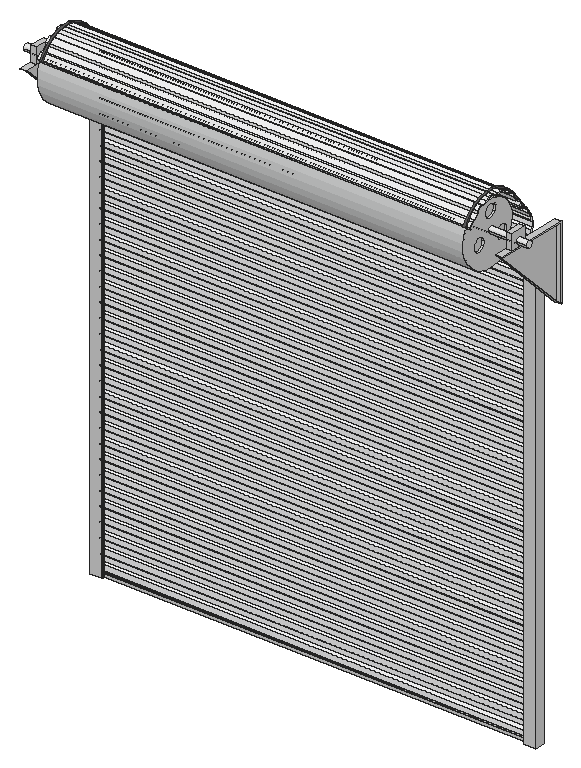
Revit family "Doors_Industrial_Wayne-Dalton_Wind-Load-Roll-Up-Sheet-Doors-Model-790-CW_", category Specialty Equipment, host Wall, Revit 2019 (continued)
Definition of nested family "Operator"
  Automatic sketch dimensions
    Masking region 3 sketch curve to Masking region 3 sketch curve = 3 1/2"
    Masking region 3 sketch curve to Masking region 3 sketch curve = 1 1/2"
    Masking region 3 sketch curve to Masking region 3 sketch curve = 131/256"
    curve 2 to Masking region 3 sketch curve = 2 125/256"
    Masking region 3 sketch curve to curve 2 = 5"
    curve 2 to Masking region 3 sketch curve = 4 1/4"  (x2)
    Masking region 3 sketch curve to Masking region 3 sketch curve = 0"
    Masking region 3 sketch curve to Masking region 3 sketch curve = 1"  (x3)
    Masking region 2 sketch curve to curve 2 = 0"  (x2)
    curve 2 to Masking region 2 sketch curve = 15.34603"
    Masking region 2 sketch curve to curve 2 = 2 125/256"
    Masking region 2 sketch curve to curve 2 = 3"
    Masking region 2 sketch curve to Masking region 2 sketch curve = 0"
    curve 2 to Masking region 2 sketch curve = 0.12"  (x2)
    curve 2 to Masking region 2 sketch curve = 2 125/256"
    Masking region 2 sketch curve to Masking region 2 sketch curve = 1.67216"
    Masking region 2 sketch curve to Masking region 2 sketch curve = 0.15206"
    Masking region 2 sketch curve to Masking region 2 sketch curve = 2 3/256"
    Masking region 2 sketch curve to Masking region 2 sketch curve = 0.2164"
    Masking region 2 sketch curve to curve 2 = 7.27045"  (x2)
    Masking region 2 sketch curve to Masking region 2 sketch curve = 2.64258"
    Masking region 2 sketch curve to Masking region 2 sketch curve = 0.25654"
    Masking region 2 sketch curve to curve 2 = 10.70282"
    Sweep 2 sketch curve to plane 1 "Center (Front/Back)" = 0"
    plane 1 "Center (Front/Back)" to Sweep 2 sketch curve = 2.9125"
    radius of Sweep 2 sketch curve = 0.3"
    radius of Extrusion 6 sketch curve = 1/2"
    radius of Extrusion 7 sketch curve = 1"
Types (5): name | Voltage | Frequency | Electrical Operator | Current | Chain Hoist | Apparent Load Phase 1
  ‏​Manual push-up | 0 V | 0 Hz | no | 0 A | no | 0 VA
  Chain Hoist | 0 V | 0 Hz | no | 0 A | yes | 0 VA
  115 volts, one phase, 60 Hz (110-120V range) | 115 V | 60 Hz | yes | 20 A | no | 2300 VA
  208 volts, one phase, 60 Hz (190-207V range) | 208 V | 60 Hz | yes | 20 A | no | 4160 VA
  230 volts, one phase, 60 Hz (208-245V range) | 230 V | 60 Hz | yes | 20 A | no | 4600 VA
